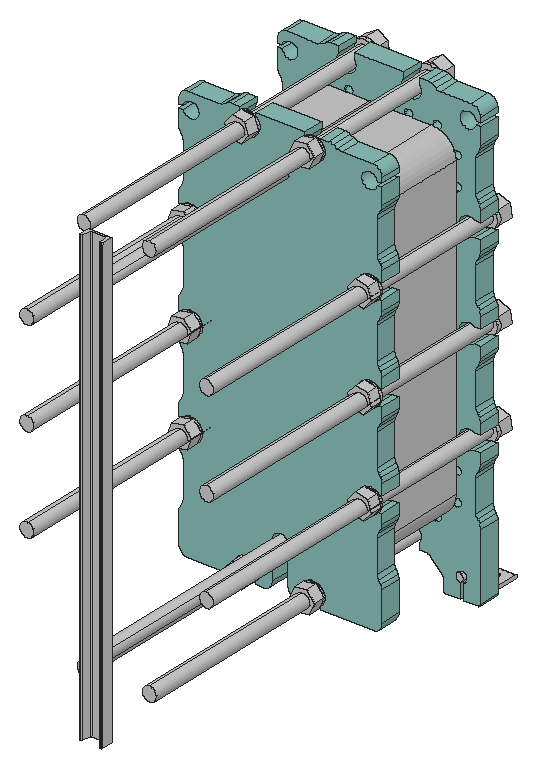
Revit family "Ekin_Endüstriyel - MIT520", category Specialty Equipment, Revit 2022 (continued)
Automatic sketch dimensions
  plane 3 "Center (Left/Right)" to Extrusion 5 sketch curve = 70.00 mm  (x2)
  plane 3 "Center (Left/Right)" to Extrusion 5 sketch curve = 193.25 mm  (x3)
  level to Extrusion 5 sketch curve = 90.00 mm  (x2)
  Extrusion 5 sketch curve to Extrusion 5 sketch curve = 224.00 mm  (x3)
  Extrusion 5 sketch curve to Extrusion 5 sketch curve = 205.00 mm  (x4)
  Extrusion 5 sketch curve to Extrusion 5 sketch curve = 1.755 mm  (x12)
  Extrusion 5 sketch curve to Extrusion 5 sketch curve = 0.151 mm  (x8)
  Extrusion 5 sketch curve to Extrusion 5 sketch curve = 14.999 mm  (x4)
  Extrusion 5 sketch curve to Extrusion 5 sketch curve = 14.897 mm  (x6)
  level to Extrusion 6 sketch curve = 40.737 mm  (x2)
  Extrusion 6 sketch curve to plane 3 "Center (Left/Right)" = 190.684 mm
  level to Extrusion 6 sketch curve = 54.287 mm  (x2)
  Extrusion 6 sketch curve to Extrusion 6 sketch curve = 2.901 mm  (x3)
  level to Extrusion 6 sketch curve = 31.451 mm  (x2)
  Extrusion 6 sketch curve to Extrusion 6 sketch curve = 10.284 mm  (x3)
  level to Extrusion 6 sketch curve = 58.549 mm  (x2)
  Extrusion 6 sketch curve to Extrusion 6 sketch curve = 13.184 mm  (x4)
  level to Extrusion 6 sketch curve = 35.713 mm  (x2)
  level to Extrusion 6 sketch curve = 49.263 mm  (x2)
  plane 3 "Center (Left/Right)" to Extrusion 6 sketch curve = 164.316 mm
  level to Extrusion 7 sketch curve = 45.00 mm  (x2)
  Extrusion 7 sketch curve to plane 3 "Center (Left/Right)" = 177.50 mm
  plane 3 "Center (Left/Right)" to Extrusion 7 sketch curve = 177.50 mm
  Extrusion 8 sketch curve to Extrusion 8 sketch curve = 0.00 mm  (x4)
  level to Extrusion 8 sketch curve = 45.00 mm  (x2)
  Extrusion 8 sketch curve to plane 3 "Center (Left/Right)" = 177.50 mm
  plane 3 "Center (Left/Right)" to Extrusion 8 sketch curve = 177.50 mm
  Extrusion 8 sketch curve to Extrusion 8 sketch curve = 1.654 mm  (x4)
  Extrusion 8 sketch curve to Extrusion 8 sketch curve = 7.725 mm  (x2)
  level to Extrusion 9 sketch curve = 45.00 mm  (x2)
  Extrusion 9 sketch curve to plane 3 "Center (Left/Right)" = 177.50 mm
  plane 3 "Center (Left/Right)" to Extrusion 9 sketch curve = 177.50 mm
  level to Extrusion 10 sketch curve = 40.737 mm  (x2)
  Extrusion 10 sketch curve to plane 3 "Center (Left/Right)" = 190.684 mm
  level to Extrusion 10 sketch curve = 54.287 mm  (x2)
  Extrusion 10 sketch curve to Extrusion 10 sketch curve = 2.901 mm  (x3)
  level to Extrusion 10 sketch curve = 31.451 mm  (x2)
  Extrusion 10 sketch curve to Extrusion 10 sketch curve = 10.284 mm  (x3)
  level to Extrusion 10 sketch curve = 58.549 mm  (x2)
  Extrusion 10 sketch curve to Extrusion 10 sketch curve = 13.184 mm  (x4)
  level to Extrusion 10 sketch curve = 35.713 mm  (x2)
  level to Extrusion 10 sketch curve = 49.263 mm  (x2)
  plane 3 "Center (Left/Right)" to Extrusion 10 sketch curve = 164.316 mm
  Extrusion 11 sketch curve to Extrusion 11 sketch curve = 0.00 mm  (x125)
  Extrusion 11 sketch curve to plane 3 "Center (Left/Right)" = 168.91 mm  (x2)
  Extrusion 11 sketch curve to Extrusion 11 sketch curve = 43.296 mm  (x22)
  Extrusion 11 sketch curve to Extrusion 11 sketch curve = 73.91 mm  (x2)
  Extrusion 11 sketch curve to Extrusion 11 sketch curve = 61.229 mm  (x8)
  Extrusion 11 sketch curve to plane 3 "Center (Left/Right)" = 21.09 mm  (x4)
  plane 3 "Center (Left/Right)" to Extrusion 11 sketch curve = 21.09 mm  (x4)
  Extrusion 11 sketch curve to Extrusion 11 sketch curve = 30.615 mm  (x14)
  level to Extrusion 11 sketch curve = 141.09 mm  (x2)
  Extrusion 11 sketch curve to Extrusion 11 sketch curve = 460.179 mm
  Extrusion 11 sketch curve to Extrusion 11 sketch curve = 1.922 mm  (x24)
  Extrusion 11 sketch curve to Extrusion 11 sketch curve = 5.75 mm  (x24)
  Extrusion 11 sketch curve to Extrusion 11 sketch curve = 14.84 mm  (x2)
  Extrusion 11 sketch curve to Extrusion 11 sketch curve = 26.738 mm  (x4)
  Extrusion 11 sketch curve to Extrusion 11 sketch curve = 6.209 mm  (x24)
  Extrusion 11 sketch curve to Extrusion 11 sketch curve = 3.032 mm  (x24)
  plane 3 "Center (Left/Right)" to Extrusion 11 sketch curve = 0.50 mm  (x2)
  Extrusion 12 sketch curve to Extrusion 12 sketch curve = 0.00 mm  (x79)
  Extrusion 12 sketch curve to plane 3 "Center (Left/Right)" = 168.91 mm  (x2)
  Extrusion 12 sketch curve to Extrusion 12 sketch curve = 43.296 mm  (x22)
  Extrusion 12 sketch curve to Extrusion 12 sketch curve = 61.229 mm  (x14)
  Extrusion 12 sketch curve to plane 3 "Center (Left/Right)" = 21.09 mm  (x4)
  plane 3 "Center (Left/Right)" to Extrusion 12 sketch curve = 21.09 mm  (x4)
  level to Extrusion 12 sketch curve = 141.09 mm  (x2)
  Extrusion 12 sketch curve to Extrusion 12 sketch curve = 460.179 mm
  Extrusion 12 sketch curve to Extrusion 12 sketch curve = 4.435 mm  (x24)
  Extrusion 12 sketch curve to Extrusion 12 sketch curve = 13.269 mm  (x20)
  Extrusion 12 sketch curve to Extrusion 12 sketch curve = 14.329 mm  (x24)
  Extrusion 12 sketch curve to Extrusion 12 sketch curve = 6.996 mm  (x24)
  Extrusion 12 sketch curve to plane 3 "Center (Left/Right)" = 7.821 mm  (x2)
  plane 3 "Center (Left/Right)" to Extrusion 12 sketch curve = 7.821 mm  (x2)
  Extrusion 13 sketch curve to plane 3 "Center (Left/Right)" = 182.985 mm  (x2)
  Extrusion 13 sketch curve to Extrusion 13 sketch curve = 1.307 mm  (x2)
  Extrusion 13 sketch curve to Extrusion 13 sketch curve = 0.554 mm  (x22)
  Extrusion 13 sketch curve to Extrusion 13 sketch curve = 4.268 mm  (x14)
  Extrusion 13 sketch curve to Extrusion 13 sketch curve = 9.807 mm  (x30)
  Extrusion 13 sketch curve to Extrusion 13 sketch curve = 12.214 mm  (x22)
  Extrusion 13 sketch curve to Extrusion 13 sketch curve = 12.768 mm  (x30)
  Extrusion 13 sketch curve to Extrusion 13 sketch curve = 14.075 mm  (x30)
  Extrusion 13 sketch curve to Extrusion 13 sketch curve = 19.066 mm  (x4)
  Extrusion 13 sketch curve to Extrusion 13 sketch curve = 28.953 mm  (x10)
  Extrusion 13 sketch curve to Extrusion 13 sketch curve = 3.198 mm  (x21)
  Extrusion 13 sketch curve to Extrusion 13 sketch curve = 6.732 mm  (x24)
  Extrusion 13 sketch curve to Extrusion 13 sketch curve = 7.691 mm  (x24)
  Extrusion 13 sketch curve to Extrusion 13 sketch curve = 10.59 mm  (x25)
  Extrusion 13 sketch curve to Extrusion 13 sketch curve = 13.788 mm  (x32)
  Extrusion 13 sketch curve to Extrusion 13 sketch curve = 14.423 mm  (x32)
  Extrusion 13 sketch curve to Extrusion 13 sketch curve = 32.383 mm  (x4)
  Extrusion 13 sketch curve to Extrusion 13 sketch curve = 33.653 mm  (x4)
  Extrusion 13 sketch curve to plane 3 "Center (Left/Right)" = 35.165 mm  (x2)
  Extrusion 13 sketch curve to Extrusion 13 sketch curve = 19.938 mm  (x4)
  Extrusion 13 sketch curve to plane 3 "Center (Left/Right)" = 11.283 mm  (x2)
  Extrusion 13 sketch curve to plane 3 "Center (Left/Right)" = 8.876 mm  (x2)
  Extrusion 13 sketch curve to plane 3 "Center (Left/Right)" = 8.322 mm  (x2)
  Extrusion 13 sketch curve to plane 3 "Center (Left/Right)" = 7.015 mm  (x2)
  plane 3 "Center (Left/Right)" to Extrusion 13 sketch curve = 7.015 mm  (x2)
  plane 3 "Center (Left/Right)" to Extrusion 13 sketch curve = 8.322 mm  (x2)
  plane 3 "Center (Left/Right)" to Extrusion 13 sketch curve = 8.876 mm  (x2)
  plane 3 "Center (Left/Right)" to Extrusion 13 sketch curve = 11.283 mm  (x2)
  Extrusion 13 sketch curve to Extrusion 13 sketch curve = 22.489 mm  (x10)
  level to Extrusion 13 sketch curve = 128.322 mm  (x2)
  Extrusion 13 sketch curve to Extrusion 13 sketch curve = 0.00 mm  (x9)
  Extrusion 13 sketch curve to Extrusion 13 sketch curve = 33.018 mm  (x8)
  Extrusion 13 sketch curve to Extrusion 13 sketch curve = 433.336 mm
  Extrusion 14 sketch curve to Extrusion 14 sketch curve = 0.00 mm  (x4)
  Extrusion 14 sketch curve to plane 3 "Center (Left/Right)" = 0.00 mm  (x2)
  level to Extrusion 14 sketch curve = 160.50 mm
  Extrusion 14 sketch curve to Extrusion 14 sketch curve = 717.00 mm
  Extrusion 14 sketch curve to plane 3 "Center (Left/Right)" = 9.00 mm  (x2)
  Extrusion 15 sketch curve to plane 3 "Center (Left/Right)" = 24.936 mm
  Extrusion 15 sketch curve to Extrusion 15 sketch curve = 1.592 mm
  Extrusion 15 sketch curve to Extrusion 15 sketch curve = 1.981 mm
  Extrusion 15 sketch curve to Extrusion 15 sketch curve = 2.445 mm
  Extrusion 15 sketch curve to plane 8 "3" = 7.296 mm
  Extrusion 15 sketch curve to Extrusion 15 sketch curve = 7.677 mm
  Extrusion 15 sketch curve to Extrusion 15 sketch curve = 3.091 mm
  Extrusion 15 sketch curve to plane 8 "3" = 4.834 mm
  plane 3 "Center (Left/Right)" to Extrusion 15 sketch curve = 14.147 mm
  Extrusion 15 sketch curve to plane 8 "3" = 7.298 mm
  Extrusion 15 sketch curve to Extrusion 15 sketch curve = 3.083 mm
  Extrusion 15 sketch curve to Extrusion 15 sketch curve = 4.635 mm
  Extrusion 15 sketch curve to Extrusion 15 sketch curve = 2.777 mm
  Extrusion 15 sketch curve to Extrusion 15 sketch curve = 1.589 mm
  Extrusion 15 sketch curve to Extrusion 15 sketch curve = 7.778 mm
  Extrusion 15 sketch curve to Extrusion 15 sketch curve = 1.559 mm
  Extrusion 15 sketch curve to Extrusion 15 sketch curve = 2.096 mm
  Extrusion 16 sketch curve to level = 0.00 mm
  Extrusion 16 sketch curve to plane 1 "Center (Front/Back)" = 0.00 mm
  level to Extrusion 16 sketch curve = 1.00 mm
  Extrusion 16 sketch curve to Extrusion 16 sketch curve = 2.00 mm
  Extrusion 16 sketch curve to Extrusion 16 sketch curve = 3.50 mm
  level to Extrusion 16 sketch curve = 7.50 mm
  Extrusion 16 sketch curve to Extrusion 16 sketch curve = 5.00 mm
  Extrusion 16 sketch curve to plane 1 "Center (Front/Back)" = 4.50 mm
  Extrusion 16 sketch curve to Extrusion 16 sketch curve = 54.50 mm
  Extrusion 16 sketch curve to Extrusion 16 sketch curve = 3.00 mm
  plane 9 "Bolt End" to Extrusion 16 sketch curve = 49.30 mm
  Extrusion 17 sketch curve to Extrusion 17 sketch curve = 0.00 mm  (x4)
  plane 1 "Center (Front/Back)" to Extrusion 17 sketch curve = 0.00 mm
  plane 9 "Bolt End" to Extrusion 17 sketch curve = 26.30 mm  (x2)
  Extrusion 17 sketch curve to Extrusion 17 sketch curve = 25.00 mm  (x3)
  Extrusion 17 sketch curve to plane 3 "Center (Left/Right)" = 178.25 mm
  plane 3 "Center (Left/Right)" to Extrusion 17 sketch curve = 153.25 mm
  Extrusion 17 sketch curve to Extrusion 17 sketch curve = 9.00 mm  (x2)
  Extrusion 18 sketch curve to Extrusion 18 sketch curve = 0.00 mm  (x21)
  Extrusion 18 sketch curve to plane 3 "Center (Left/Right)" = 193.25 mm  (x3)
  Extrusion 18 sketch curve to plane 3 "Center (Left/Right)" = 70.00 mm  (x2)
  plane 3 "Center (Left/Right)" to Extrusion 18 sketch curve = 70.00 mm  (x2)
  plane 3 "Center (Left/Right)" to Extrusion 18 sketch curve = 193.25 mm  (x3)
  level to Extrusion 18 sketch curve = 90.00 mm  (x2)
  Extrusion 18 sketch curve to Extrusion 18 sketch curve = 224.00 mm  (x3)
  Extrusion 18 sketch curve to Extrusion 18 sketch curve = 205.00 mm  (x4)
  Extrusion 18 sketch curve to Extrusion 18 sketch curve = 18.616 mm  (x12)
  Extrusion 18 sketch curve to Extrusion 18 sketch curve = 11.452 mm  (x8)
  Extrusion 18 sketch curve to Extrusion 18 sketch curve = 22.223 mm  (x4)
  Extrusion 18 sketch curve to Extrusion 18 sketch curve = 16.687 mm  (x6)
  Extrusion 2 to Extrusion 19 sketch curve = 1.101 mm  (x6)
  Extrusion 2 to Extrusion 19 sketch curve = 2.301 mm  (x6)
  Extrusion 19 sketch curve to Extrusion 2 = 6.20 mm  (x6)
  Extrusion 19 sketch curve to Extrusion 2 = 8.058 mm  (x12)
  Extrusion 19 sketch curve to Extrusion 2 = 23.80 mm  (x6)
  Extrusion 19 sketch curve to Extrusion 2 = 3.15 mm  (x12)
  Extrusion 19 sketch curve to Extrusion 19 sketch curve = 26.101 mm  (x3)
  Extrusion 2 to Extrusion 19 sketch curve = 12.092 mm  (x12)
  Extrusion 19 sketch curve to Extrusion 19 sketch curve = 8.80 mm  (x6)
  Extrusion 19 sketch curve to Extrusion 2 = 9.302 mm  (x8)
  Extrusion 2 to Extrusion 19 sketch curve = 0.66 mm  (x8)
  Extrusion 2 to Extrusion 19 sketch curve = 7.038 mm  (x8)
  Extrusion 19 sketch curve to Extrusion 2 = 0.381 mm  (x4)
  Extrusion 19 sketch curve to Extrusion 2 = 1.619 mm  (x2)
  Extrusion 19 sketch curve to Extrusion 2 = 41.101 mm  (x3)
  Extrusion 19 sketch curve to Extrusion 2 = 4.063 mm  (x2)
  Extrusion 19 sketch curve to Extrusion 2 = 21.318 mm  (x2)
  Extrusion 19 sketch curve to Extrusion 19 sketch curve = 24.619 mm  (x4)
  Extrusion 19 sketch curve to Extrusion 19 sketch curve = 3.682 mm  (x2)
  Extrusion 2 to Extrusion 19 sketch curve = 2.063 mm  (x2)
  Extrusion 19 sketch curve to Extrusion 2 = 11.318 mm  (x4)
  Extrusion 19 sketch curve to Extrusion 2 = 4.064 mm  (x2)
  Extrusion 20 sketch curve to Extrusion 20 sketch curve = 0.00 mm  (x12)
  Extrusion 2 to Extrusion 20 sketch curve = 17.00 mm  (x2)
  Extrusion 20 sketch curve to Extrusion 2 = 25.00 mm  (x2)
  Extrusion 2 to Extrusion 20 sketch curve = 2.076 mm  (x12)
  Extrusion 20 sketch curve to Extrusion 2 = 7.42 mm  (x8)
  Extrusion 20 sketch curve to Extrusion 20 sketch curve = 5.353 mm  (x2)
  Extrusion 21 sketch curve to plane 3 "Center (Left/Right)" = 217.381 mm  (x2)
  Extrusion 21 sketch curve to Extrusion 21 sketch curve = 0.00 mm  (x2)
  Extrusion 21 sketch curve to Extrusion 21 sketch curve = 3.074 mm  (x8)
  Extrusion 21 sketch curve to Extrusion 21 sketch curve = 21.057 mm  (x10)
  Extrusion 21 sketch curve to Extrusion 21 sketch curve = 24.131 mm  (x12)
  Extrusion 21 sketch curve to plane 3 "Center (Left/Right)" = 92.881 mm  (x2)
  Extrusion 21 sketch curve to Extrusion 21 sketch curve = 0.264 mm  (x5)
  Extrusion 21 sketch curve to Extrusion 21 sketch curve = 22.617 mm  (x7)
  Extrusion 21 sketch curve to Extrusion 21 sketch curve = 22.881 mm  (x8)
  plane 3 "Center (Left/Right)" to Extrusion 21 sketch curve = 47.119 mm  (x2)
  plane 3 "Center (Left/Right)" to Extrusion 21 sketch curve = 169.119 mm  (x3)
  level to Extrusion 21 sketch curve = 63.732 mm  (x2)
  Extrusion 21 sketch curve to Extrusion 21 sketch curve = 12.906 mm  (x4)
  Extrusion 21 sketch curve to Extrusion 21 sketch curve = 13.362 mm  (x8)
  Extrusion 21 sketch curve to Extrusion 21 sketch curve = 26.268 mm  (x8)
  Extrusion 21 sketch curve to Extrusion 21 sketch curve = 185.006 mm  (x2)
  Extrusion 21 sketch curve to Extrusion 21 sketch curve = 10.382 mm  (x6)
  Extrusion 21 sketch curve to Extrusion 21 sketch curve = 15.707 mm  (x12)
  Extrusion 21 sketch curve to Extrusion 21 sketch curve = 26.089 mm  (x12)
  Extrusion 21 sketch curve to Extrusion 21 sketch curve = 152.822 mm  (x4)
  Extrusion 21 sketch curve to Extrusion 21 sketch curve = 171.643 mm
  Extrusion 22 sketch curve to Extrusion 22 sketch curve = 0.00 mm  (x50)
  Extrusion 22 sketch curve to plane 3 "Center (Left/Right)" = 95.00 mm  (x2)
  plane 3 "Center (Left/Right)" to Extrusion 22 sketch curve = 95.00 mm  (x2)
  level to Extrusion 22 sketch curve = 215.00 mm
  Extrusion 22 sketch curve to Extrusion 22 sketch curve = 608.00 mm
  Extrusion 22 sketch curve to Extrusion 22 sketch curve = 31.946 mm  (x2)
  Extrusion 22 sketch curve to Extrusion 22 sketch curve = 13.304 mm  (x4)
  Extrusion 22 sketch curve to Extrusion 22 sketch curve = 45.25 mm  (x2)
  Extrusion 23 sketch curve to Extrusion 23 sketch curve = 0.00 mm  (x14)
  Extrusion 23 sketch curve to level = 0.00 mm  (x2)
  Extrusion 23 sketch curve to plane 4 = 1378.25 mm
  Extrusion 23 sketch curve to Extrusion 23 sketch curve = 5.00 mm  (x2)
  Extrusion 23 sketch curve to Extrusion 23 sketch curve = 20.00 mm  (x2)
  Extrusion 23 sketch curve to Extrusion 23 sketch curve = 6.301 mm  (x2)
  Extrusion 23 sketch curve to Extrusion 23 sketch curve = 35.00 mm  (x2)
  Extrusion 23 sketch curve to Extrusion 23 sketch curve = 71.929 mm
  Extrusion 23 sketch curve to Extrusion 23 sketch curve = 17.321 mm  (x2)
  level to Extrusion 23 sketch curve = 65.00 mm
  Extrusion 23 sketch curve to Extrusion 23 sketch curve = 32.50 mm
  Extrusion 23 sketch curve to Extrusion 23 sketch curve = 98.25 mm  (x2)
  Extrusion 23 sketch curve to Extrusion 23 sketch curve = 35.75 mm  (x2)
  Extrusion 23 sketch curve to Extrusion 23 sketch curve = 39.00 mm  (x2)
  Extrusion 23 sketch curve to Extrusion 23 sketch curve = 70.00 mm  (x2)
  Extrusion 23 sketch curve to plane 4 = 1090.00 mm  (x2)
  Extrusion 23 sketch curve to plane 4 = 1065.00 mm  (x2)
  Extrusion 23 sketch curve to plane 4 = 1021.75 mm
  level to Extrusion 23 sketch curve = 5.00 mm  (x2)
  Extrusion 23 sketch curve to plane 4 = 981.75 mm
  Extrusion 23 sketch curve to plane 4 = 968.051 mm
  Extrusion 23 sketch curve to plane 4 = 966.75 mm  (x3)
  Extrusion 23 sketch curve to plane 4 = 946.75 mm
  Extrusion 23 sketch curve to Extrusion 23 sketch curve = 27.50 mm  (x2)
  Extrusion 23 sketch curve to Extrusion 23 sketch curve = 12.50 mm  (x2)
  Extrusion 23 sketch curve to Extrusion 23 sketch curve = 25.00 mm  (x2)
  Extrusion 23 sketch curve to Extrusion 23 sketch curve = 70.50 mm
  Extrusion 23 sketch curve to Extrusion 23 sketch curve = 54.50 mm  (x3)
  Extrusion 23 sketch curve to Extrusion 23 sketch curve = 99.00 mm  (x4)
  Extrusion 23 sketch curve to Extrusion 23 sketch curve = 205.00 mm  (x4)
  Extrusion 23 sketch curve to Extrusion 23 sketch curve = 106.00 mm  (x2)
  Extrusion 23 sketch curve to Extrusion 23 sketch curve = 14.00 mm  (x2)
  Extrusion 23 sketch curve to Extrusion 23 sketch curve = 15.00 mm  (x2)
  Extrusion 23 sketch curve to Extrusion 23 sketch curve = 10.00 mm
  Extrusion 23 sketch curve to Extrusion 23 sketch curve = 31.946 mm  (x4)
  Extrusion 23 sketch curve to Extrusion 23 sketch curve = 6.25 mm
  Extrusion 23 sketch curve to Extrusion 23 sketch curve = 4.009 mm  (x2)
  Extrusion 23 sketch curve to Extrusion 23 sketch curve = 3.153 mm
  Extrusion 24 sketch curve to Extrusion 24 sketch curve = 0.00 mm  (x4)
  Extrusion 24 sketch curve to plane 4 = 941.75 mm
  Extrusion 24 sketch curve to Extrusion 24 sketch curve = 20.00 mm  (x5)
  Extrusion 24 sketch curve to plane 4 = 966.75 mm  (x3)
  Extrusion 24 sketch curve to Extrusion 24 sketch curve = 6.301 mm  (x2)
  Extrusion 24 sketch curve to plane 4 = 1033.679 mm
  Extrusion 24 sketch curve to Extrusion 24 sketch curve = 17.321 mm  (x2)
  Extrusion 24 sketch curve to plane 4 = 1090.00 mm
  Extrusion 24 sketch curve to Extrusion 24 sketch curve = 33.50 mm  (x2)
  Extrusion 24 sketch curve to Extrusion 24 sketch curve = 109.00 mm  (x2)
  Extrusion 24 sketch curve to Extrusion 24 sketch curve = 16.50 mm
  Extrusion 24 sketch curve to Extrusion 24 sketch curve = 65.629 mm
  Extrusion 24 sketch curve to Extrusion 24 sketch curve = 176.75 mm
  Extrusion 24 sketch curve to Extrusion 24 sketch curve = 1.301 mm
  level to Extrusion 24 sketch curve = 65.00 mm
  Extrusion 24 sketch curve to Extrusion 24 sketch curve = 5.00 mm  (x2)
  Extrusion 24 sketch curve to Extrusion 24 sketch curve = 80.50 mm
  Extrusion 24 sketch curve to Extrusion 24 sketch curve = 148.50 mm  (x2)
  Extrusion 24 sketch curve to Extrusion 24 sketch curve = 205.00 mm  (x4)
  Extrusion 24 sketch curve to Extrusion 24 sketch curve = 153.50 mm
  Extrusion 24 sketch curve to Extrusion 24 sketch curve = 51.50 mm  (x2)
  Extrusion 24 sketch curve to Extrusion 24 sketch curve = 14.00 mm  (x2)
  Extrusion 24 sketch curve to Extrusion 24 sketch curve = 10.00 mm
  Extrusion 24 sketch curve to Extrusion 24 sketch curve = 21.00 mm  (x9)
  Extrusion 24 sketch curve to Extrusion 24 sketch curve = 8.801 mm
  Extrusion 24 sketch curve to Extrusion 24 sketch curve = 11.791 mm  (x2)
  Extrusion 24 sketch curve to Extrusion 24 sketch curve = 12.50 mm
  Extrusion 24 sketch curve to Extrusion 24 sketch curve = 17.50 mm
  Extrusion 24 sketch curve to Extrusion 24 sketch curve = 9.273 mm
  Extrusion 26 sketch curve to Extrusion 26 sketch curve = 0.00 mm  (x50)
  Extrusion 26 sketch curve to plane 4 = 1255.00 mm  (x2)
  Extrusion 26 sketch curve to plane 4 = 1065.00 mm  (x2)
  level to Extrusion 26 sketch curve = 215.00 mm
  Extrusion 26 sketch curve to Extrusion 26 sketch curve = 608.00 mm
  Extrusion 26 sketch curve to Extrusion 26 sketch curve = 31.946 mm  (x4)
  Extrusion 26 sketch curve to Extrusion 26 sketch curve = 62.554 mm  (x2)
  Extrusion 26 sketch curve to Extrusion 26 sketch curve = 1.00 mm  (x2)
  plane 5 to Extrusion 28 sketch curve = 1000.00 mm  (x2)
  plane 5 to Extrusion 28 sketch curve = 930.00 mm  (x2)
  plane 5 to Extrusion 28 sketch curve = 806.75 mm  (x3)
  Extrusion 28 sketch curve to Extrusion 28 sketch curve = 40.00 mm
  plane 5 to Extrusion 28 sketch curve = 1070.00 mm  (x2)
  Extrusion 28 sketch curve to Extrusion 28 sketch curve = 148.25 mm  (x2)
  plane 5 to Extrusion 28 sketch curve = 1193.25 mm  (x3)
  Extrusion 28 sketch curve to Extrusion 28 sketch curve = 70.50 mm  (x2)
  Extrusion 28 sketch curve to Extrusion 28 sketch curve = 205.00 mm  (x4)
  plane 5 to Extrusion 28 sketch curve = 995.991 mm
  plane 5 to Extrusion 28 sketch curve = 993.75 mm
  plane 5 to Extrusion 28 sketch curve = 1004.009 mm
  Extrusion 28 sketch curve to Extrusion 28 sketch curve = 3.153 mm
  plane 5 to Extrusion 30 sketch curve = 1164.00 mm
  plane 5 to Extrusion 30 sketch curve = 1020.00 mm  (x2)
  plane 5 to Extrusion 30 sketch curve = 980.00 mm  (x2)
  level to Extrusion 30 sketch curve = 146.50 mm
  Extrusion 30 sketch curve to Extrusion 30 sketch curve = 0.00 mm  (x2)
  Extrusion 30 sketch curve to Extrusion 30 sketch curve = 40.00 mm  (x2)
  plane 5 to Extrusion 31 sketch curve = 905.00 mm  (x2)
  plane 5 to Extrusion 31 sketch curve = 1095.00 mm
  plane 5 to Extrusion 31 sketch curve = 1000.50 mm  (x2)
  Extrusion 30 sketch curve to Extrusion 30 sketch curve = 144.00 mm
  Extrusion 30 sketch curve to Extrusion 30 sketch curve = 745.00 mm
  Extrusion 28 sketch curve to Extrusion 28 sketch curve = 153.50 mm
  Extrusion 28 sketch curve to Extrusion 28 sketch curve = 150.347 mm
  Extrusion 28 sketch curve to Extrusion 28 sketch curve = 156.653 mm
  Extrusion 28 sketch curve to Extrusion 28 sketch curve = 25.00 mm  (x2)
  level to Extrusion 28 sketch curve = 45.00 mm  (x2)
  level to Extrusion 28 sketch curve = 90.00 mm  (x2)
  Extrusion 28 sketch curve to Extrusion 28 sketch curve = 0.00 mm
  Extrusion 28 sketch curve to Extrusion 28 sketch curve = 108.25 mm
  level to Extrusion 28 sketch curve = 0.00 mm
  Extrusion 31 sketch curve to Extrusion 31 sketch curve = 0.00 mm  (x6)
  Extrusion 31 sketch curve to Extrusion 31 sketch curve = 94.50 mm  (x3)
  level to Extrusion 31 sketch curve = 215.00 mm
  Extrusion 31 sketch curve to Extrusion 31 sketch curve = 608.00 mm
  plane 5 to Extrusion 29 sketch curve = 1000.00 mm  (x2)
  plane 5 to Extrusion 29 sketch curve = 1218.25 mm
  plane 5 to Extrusion 29 sketch curve = 1193.25 mm  (x3)
  plane 5 to Extrusion 29 sketch curve = 806.75 mm  (x3)
  level to Extrusion 29 sketch curve = 65.00 mm
  Extrusion 29 sketch curve to Extrusion 29 sketch curve = 148.25 mm
  Extrusion 29 sketch curve to Extrusion 29 sketch curve = 205.00 mm  (x4)
  Extrusion 29 sketch curve to Extrusion 29 sketch curve = 153.50 mm
  plane 5 to Extrusion 29 sketch curve = 1011.791 mm
  Extrusion 29 sketch curve to Extrusion 29 sketch curve = 21.00 mm  (x10)
  plane 5 to Extrusion 29 sketch curve = 988.209 mm
  Extrusion 29 sketch curve to Extrusion 29 sketch curve = 9.273 mm
  Extrusion 29 sketch curve to Extrusion 29 sketch curve = 0.00 mm
  Extrusion 29 sketch curve to Extrusion 29 sketch curve = 288.25 mm
  Extrusion 29 sketch curve to Extrusion 29 sketch curve = 25.00 mm  (x2)
  Extrusion 29 sketch curve to Extrusion 29 sketch curve = 75.50 mm
  Extrusion 29 sketch curve to Extrusion 29 sketch curve = 148.50 mm  (x2)
  plane 5 to Extrusion 29 sketch curve = 1070.00 mm  (x2)
  level to Extrusion 29 sketch curve = 90.00 mm
  Extrusion 29 sketch curve to Extrusion 29 sketch curve = 61.227 mm
  plane 5 to Extrusion 29 sketch curve = 930.00 mm
  Extrusion 29 sketch curve to Extrusion 29 sketch curve = 79.772 mm
  Extrusion 24 sketch curve to Extrusion 24 sketch curve = 39.00 mm  (x2)
  Extrusion 24 sketch curve to Extrusion 24 sketch curve = 25.00 mm  (x2)
  plane 3 "Center (Left/Right)" to Extrusion 25 sketch curve = 164.00 mm
  Extrusion 25 sketch curve to Extrusion 25 sketch curve = 50.00 mm  (x7)
  Extrusion 25 sketch curve to Extrusion 25 sketch curve = 19.00 mm  (x4)
  plane 3 "Center (Left/Right)" to Extrusion 25 sketch curve = 20.00 mm  (x2)
  Extrusion 25 sketch curve to plane 3 "Center (Left/Right)" = 20.00 mm  (x2)
  Extrusion 25 sketch curve to Extrusion 25 sketch curve = 75.00 mm  (x2)
  level to Extrusion 25 sketch curve = 146.50 mm
  Extrusion 25 sketch curve to Extrusion 25 sketch curve = 0.00 mm  (x2)
  Extrusion 25 sketch curve to Extrusion 25 sketch curve = 40.00 mm
  Extrusion 25 sketch curve to Extrusion 25 sketch curve = 608.00 mm
  Extrusion 25 sketch curve to Extrusion 25 sketch curve = 18.50 mm  (x2)
  Extrusion 25 sketch curve to Extrusion 25 sketch curve = 28.50 mm
  Extrusion 25 sketch curve to Extrusion 25 sketch curve = 68.50 mm  (x2)
  radius of Extrusion 3 sketch curve = 31.946 mm  (x4)
  radius of Extrusion 7 sketch curve = 15.00 mm  (x2)
  radius of Extrusion 9 sketch curve = 15.00 mm  (x2)
  radius of Extrusion 2 to Extrusion 20 sketch curve = 4.00 mm  (x8)
  radius of Extrusion 23 sketch curve = 11.00 mm  (x2)
  radius of Extrusion 23 sketch curve = 21.00 mm  (x10)
  radius of Extrusion 23 sketch curve = 17.50 mm  (x2)
  radius of Extrusion 28 sketch curve = 11.00 mm  (x2)
  radius of Extrusion 28 sketch curve = 21.00 mm  (x10)
  radius of Extrusion 29 sketch curve = 16.50 mm
  radius of Extrusion 25 sketch curve = 31.946 mm  (x4)
Connectors
  piping at (95, 15, 823), diameter 76.2
    settings: on Extrusion 26, index 1, connector inside diameter 609.6 mm, connector length 0.00 mm, flow factor 0, pipe flow 0.0 L/s, pressure drop 0 bar, fitting loss kfactor 0, connector angle 0.00°, fixture units 0, engagement length 0.00 mm, angle of deflection 0.00°, flow configuration 0, flow direction 1, fitting loss method 0, system type 7, joint type 0, gender type 0, connector reference index -1, connector utility 0, adjustable connector no, is connector primary yes, connector description ""
  piping at (-95, 15, 823), diameter 76.2
    settings: on Extrusion 26, index 2, connector inside diameter 609.6 mm, connector length 0.00 mm, flow factor 0, pipe flow 0.0 L/s, pressure drop 0 bar, fitting loss kfactor 0, connector angle 0.00°, fixture units 0, engagement length 0.00 mm, angle of deflection 0.00°, flow configuration 0, flow direction 2, fitting loss method 0, system type 7, joint type 0, gender type 0, connector reference index -1, connector utility 0, adjustable connector no, is connector primary no, connector description ""
  piping at (-95, 15, 215), diameter 76.2
    settings: on Extrusion 26, index 3, connector inside diameter 609.6 mm, connector length 0.00 mm, flow factor 0, pipe flow 0.0 L/s, pressure drop 0 bar, fitting loss kfactor 0, connector angle 0.00°, fixture units 0, engagement length 0.00 mm, angle of deflection 0.00°, flow configuration 0, flow direction 1, fitting loss method 0, system type 7, joint type 0, gender type 0, connector reference index -1, connector utility 0, adjustable connector no, is connector primary no, connector description ""
  piping at (95, 15, 215), diameter 76.2
    settings: on Extrusion 26, index 4, connector inside diameter 609.6 mm, connector length 0.00 mm, flow factor 0, pipe flow 0.0 L/s, pressure drop 0 bar, fitting loss kfactor 0, connector angle 0.00°, fixture units 0, engagement length 0.00 mm, angle of deflection 0.00°, flow configuration 0, flow direction 2, fitting loss method 0, system type 7, joint type 0, gender type 0, connector reference index -1, connector utility 0, adjustable connector no, is connector primary no, connector description ""
